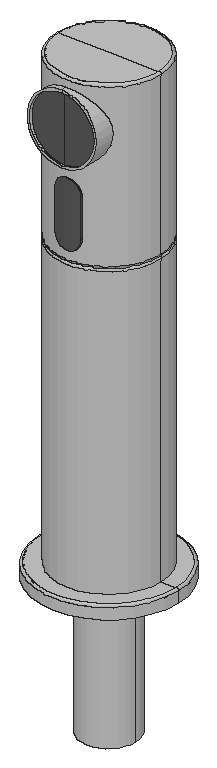
Revit family "Plumbing-Fix_Faucet-Touchless_Stern_Tubular-T", category Plumbing Fixtures, host Face, Revit 2023
Family settings
  Host = Face
  Round Connector Dimension = Use Diameter
  Part Type = Normal
  OmniClass Number = 23.45.55.14
  OmniClass Title = Single Faucets
  Enable Cutting in Views = No
  Cut with Voids When Loaded = No
  Maintain Annotation Orientation = No
  Shared = No
  Room Calculation Point = No
Parameters (values of type "Battery Pack 1.58 GPM")
  Waste Connection = no
  Warranty Duration (Years) = 2
  WFU = 0
  Vent Connection = no
  Unit Width = 0' - 2"
  Unit Height = 0' - 0"
  URL = "http://www.sternfaucets.com/"
  Type Comments = "as Specified"
  Standards Conformance = "as Specified"
  Spout Reach = 0' - 0"
  Spout Height = 0' - 2 1/4"
  Specification = ""
  SpecWizard = ""
  Sales Information = "http://www.sternfaucets.com/contact-us/contact-us-int-l.html"
  Revision = "R1_2018-04"
  Product Properties = ""
  Product Features = "as Specified"
  Product Data = "http://www.arcat.com/arcatcos/cos50/arc50092.html"
  Power Supply = "9V Battery"
  Piping_Inlet Diameter = 1/2"
  Piping_Flow = 0 GPM
  Operating Temperature Range = "Up to 149 F / 65 C"
  Operating Pressure Range = "7.26 - 116 PSI  ;  0.5 - 8 bar"
  Model = "Tubular TB"
  Manufacturer Website = "http://www.sternfaucets.com/"
  Manufacturer Phone - Toll Free = "800-436-4410"
  Manufacturer Phone = ""
  Manufacturer Fax = ""
  Manufacturer Address = "777 Passaic Ave.  Clifton, NJ 07012"
  Manufacturer = "Stern Engineering"
  Maintenance Schedule (Months) = 0
  Keynote = "22 40 00"
  Installation Phase = ""
  HWFU = 1
  HW Connection = yes
  Green Building-LEED = ""
  Fixture Finish [instance] = Finish - Stern - Chrome
  Expected Lifespan (Years) = 0
  Drawn By = "Sumex Design, Inc. / Robert S. Weygant, CSI, CDT, SCIP"
  Description = "Stern Touchless Wall Mounted Faucet - Tubular TB as Specified"
  Default Elevation = 0' - 0"
  Cost = 0
  Copyright = "©Arcat Inc."
  Construction Details = ""
  CWFU = 1
  CW Connection = yes
  Body Construction = ""
  Available Options = "as Specified"
  Assembly Code = "D2010300"
  Accent Color [instance] = Finish - Stern - Black
Types (10): name | Power Supply | Model | Description
  Battery Pack 1.58 GPM | "9V Battery" | "Tubular TB" | "Stern Touchless Wall Mounted Faucet - Tubular TB as Specified"
  Battery Pack 1 GPM | "9V Battery" | "Tubular TB" | "Stern Touchless Wall Mounted Faucet - Tubular TB as Specified"
  Battery Pack 0.8 GPM | "9V Battery" | "Tubular TB" | "Stern Touchless Wall Mounted Faucet - Tubular TB as Specified"
  Battery Pack 0.5 GPM | "9V Battery" | "Tubular TB" | "Stern Touchless Wall Mounted Faucet - Tubular TB as Specified"
  Battery Pack 0.35 GPM | "9V Battery" | "Tubular TB" | "Stern Touchless Wall Mounted Faucet - Tubular TB as Specified"
  Transformer 1.58 GPM | "9V Transformer" | "Tubular TE" | "Stern Touchless Wall Mounted Faucet - Tubular TE as Specified"
  Transformer 1 GPM | "9V Transformer" | "Tubular TE" | "Stern Touchless Wall Mounted Faucet - Tubular TE as Specified"
  Transformer 0.8 GPM | "9V Transformer" | "Tubular TE" | "Stern Touchless Wall Mounted Faucet - Tubular TE as Specified"
  Transformer 0.5 GPM | "9V Transformer" | "Tubular TE" | "Stern Touchless Wall Mounted Faucet - Tubular TE as Specified"
  Transformer 0.35 GPM | "9V Transformer" | "Tubular TE" | "Stern Touchless Wall Mounted Faucet - Tubular TE as Specified"
Reference planes (in)
  plane 1 "Center (Front/Back)": y = 0
  plane 2: z = 0
  plane 3 "Center (Left/Right)": x = 0
  plane 4: z = 6.125
Forms (in)
  Extrusion 1, solid, material "Finish - Stern - Black" <- "Accent Color"
    sketch origin (0, 0, -1.90625) x (1, 0, 0) y (0, 0, 1)
      loop
        line (-0.1875, 7.1875) -> (-0.1875, 6.625)
        arc (-0.1875, 6.625) -> (0, 6.4375) -> (0.1875, 6.625) r 0.1875
        line (0.1875, 6.625) -> (0.1875, 7.1875)
        arc (0.1875, 7.1875) -> (0, 7.375) -> (-0.1875, 7.1875) r 0.1875
    from 0 to 0.89907
  Extrusion 2, solid, material "Finish - Stern - Chrome" <- "Fixture Finish"
    sketch origin (0, 0, 0) x (1, 0, 0) y (0, 1, 0)
      loop
        circle (0, 0) r 0.39132
    from 0 to -2
  Revolve 3, solid, material "Finish - Stern - Chrome" <- "Fixture Finish"
    sketch origin (0, 0, 0) x (1, 0, 0) y (0, 0, 1)
      loop
        line (0, 0) -> (0, 6.75) -> (-0.71875, 6.75)
        arc (-0.71875, 6.75) -> (-0.74085, 6.74085) -> (-0.75, 6.71875) r 0.03125
        line (-0.75, 6.71875) -> (-0.75, 4.40625)
        arc (-0.75, 4.40625) -> (-0.74085, 4.38415) -> (-0.71875, 4.375) r 0.03125
        arc (-0.71875, 4.375) -> (-0.74085, 4.36585) -> (-0.75, 4.34375) r 0.03125
        line (-0.75, 4.34375) -> (-0.75, 0.1875) -> (-0.96875, 0.1875)
        arc (-0.96875, 0.1875) -> (-0.99085, 0.17835) -> (-1, 0.15625) r 0.03125
        line (-1, 0.15625) -> (-1, 0) -> (0, 0)
      axis (0, 6.75) -> (0, 0)
    angle from 0 to 360
  Revolve 4, solid, material "Finish - Stern - Chrome" <- "Fixture Finish"
    sketch origin (0, 0.14844, -2.875) x (0, 1, 0) y (0, 0, 1)
      loop
        line (-0.53976, 9) -> (-0.53976, 9.5) -> (-0.98763, 9.5) -> (-0.98763, 9.46875) -> (-0.95638, 9.46875) -> (-0.95638, 9) -> (-0.53976, 9)
      axis (-0.98763, 9) -> (-0.53976, 9)
    angle from 0 to 360
  Extrusion 5, void
    sketch origin (0, 0, 0) x (1, 0, 0) y (0, 1, 0)
      loop
        arc (0.22715, -0.72406) -> (-0.00447, -0.7578) -> (-0.23569, -0.72141) r 0.78125
        line (-0.23569, -0.72141) -> (-0.23569, -0.92096) -> (0.22715, -0.92096) -> (0.22715, -0.72406)
    from 4.375 to 5.61756
Cuts and joins
  Extrusion 5 cuts Extrusion 1
Dimensions and locks (in)
  aligned and locked: plane 2 to host face
  aligned and locked: level to host face
Connectors (in)
  piping at (0, 0, -2), diameter 0.5, driven by "Piping_Flow", driven by "Piping_Inlet Diameter"
    settings: on Extrusion 2, index 2, connector inside diameter 24", connector length 0' - 0", flow factor 0, pipe flow 0 GPM, pressure drop 0.00 psi, fitting loss kfactor 0, connector angle 0.00°, fixture units 0, engagement length 0' - 0", angle of deflection 0.00°, flow configuration 0, flow direction 1, fitting loss method 0, system type 22, joint type 0, gender type 0, connector reference index -1, connector utility 0, adjustable connector no, is connector primary yes, connector description "Tempered Inlet"
  electrical at (0, 0, 0)
    settings: on Revolve 3, index 3, voltage 0 V, apparent load 0 VA, apparent load phase1 0 VA, apparent load phase2 0 VA, apparent load phase3 0 VA, power factor 1, load classification "Other", number of poles 1, system type 13, power factor state 1, is connector primary yes, connector utility no, sub classification motor no, connector description ""
